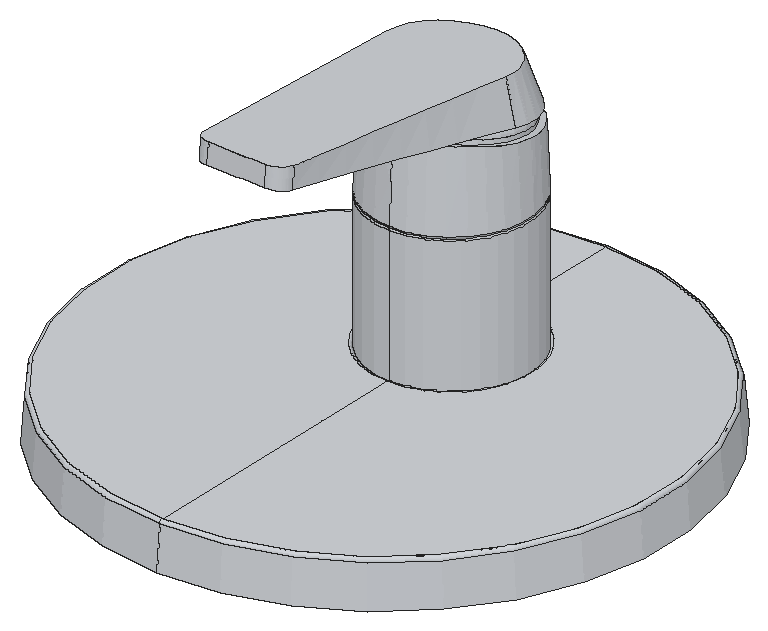
Revit family "Shower-Valve_Trim-KOHLER-AVID-K-97488T", category Specialty Equipment, host Face, Revit 2017
Family settings
  Host = Face
  Round Connector Dimension = Use Diameter
  Part Type = Normal
  OmniClass Number = 23.31.25.00
  OmniClass Title = Toilet and Bath Specialties
  Cut with Voids When Loaded = No
  Shared = No
  Room Calculation Point = No
Parameters (values of type "CP-Polished Chrome")
  Width = 7 3/32"  # constant formula
  WaterSense Certified = 1 = 0  # no
  URL = "http://www.kohler.com.cn/"
  Type = 1
  Product Page URL = ""
  Product Name = "AVID"  # constant formula
  Product Documentation Link = ""
  Model = if(Type = 1, "K-97488T-4-CP", if(Type = 2, "K-97488T-4-TT", "NA"))  # "K-97488T-4-CP"
  Material = "Primium Metal Construction"  # constant formula
  Master Format 2014 Name = "Toilet, Bath, and Laundry Accessories"  # constant formula
  Master Format 2014 = "10 28 00"  # constant formula
  Manufacturer Address = "Kohler Beijing Office (100016) 36-2-03-B, No. 88, Liuxiang Road, Beijing"  # constant formula
  Manufacturer = "KOHLER Co."  # constant formula
  Length = 4 1/8"  # constant formula
  Height = 7 3/32"  # constant formula
  Finish = Kohler-Metal-CP-Polished_Chrome
  Environmental Product Declaration = ""
  Description = "40 mm Recessed Shower only trim"  # constant formula
  Default Elevation = 42"
  Declare Label = ""
  Date Modified = "08/20/2020"  # constant formula
  Date Created = "08/20/2020"  # constant formula
  Copyright = "Copyright KOHLER Co."  # constant formula
  Contact Us = "http://www.kohler.com.cn/contact/contact-us/"
  Assembly Code = "C1030200"
  ADA Compliant = 1 = 0  # no
Types (3): name | Type | Model | Finish
  (no name) | 1 | "K-97488T-4-CP" | Kohler-Metal-CP-Polished_Chrome
  CP-Polished Chrome | 1 | "K-97488T-4-CP" | Kohler-Metal-CP-Polished_Chrome
  TT-Titanium Silver | 2 | "K-97488T-4-TT" | Kohler-Metal-TT-Titanium_Silver
Reference planes (in)
  plane 1 "Center (Front/Back)": y = 0
  plane 2: z = 0
  plane 3 "Center (Left/Right)": x = 0
  plane 4: y = 3.54687
  plane 5: y = -3.54688
  plane 6: x = -3.54687
  plane 7: x = 3.54688
  plane 8: y = 1.04332
  plane 9: y = -2.30043
  plane 10: z = 4.125
  plane 11: z = 0.5625
Dimensions and locks (in)
  "Width": plane 6 to plane 7
  "Height": plane 5 to plane 4
  "Length": plane 10 to level
  plane 11 to level = 9/16"
  plane 8 to plane 9 = 3 11/32"
  aligned and locked: plane 2 to host face
  aligned and locked: level to host face
Automatic sketch dimensions
  host sketch curve to host sketch curve = 96"  (x2)
Nested families (in)
  nested 1: "K-97488T" at (0, 0, 0), type "K-97488T"
Definition of nested family "K-97488T"
  Parameters (values of type "K-97488T")
    Material = none
  Reference planes (in)
    plane 1 "Center (Front/Back)": y = 0
    plane 2: z = 0
    plane 3 "Center (Left/Right)": x = 0
    plane 4: x = -3.54687
    plane 5: y = 3.54687
    plane 6: z = 4.125
    plane 7: y = -2.30043
    plane 8: y = 1.04332
    plane 9: z = 0.5625
    plane 10: x = 3.54688
    plane 11: y = -3.54688
  Forms (in)
    Revolve 1, solid, material <- "Material", detail levels medium+fine
      sketch origin (0, 0, 0) x (0, 1, 0) y (0, 0, 1)
        loop
          line (0, 0) -> (0, 0.5625) -> (-3.45471, 0.5625)
          arc (-3.45471, 0.5625) -> (-3.48638, 0.55018) -> (-3.50141, 0.51971) r 0.04688
          line (-3.50141, 0.51971) -> (-3.54688, 0) -> (0, 0)
        axis (0, 0.5625) -> (0, 0)
      angle from 0 to 360
    Revolve 2, solid, material <- "Material", detail levels medium+fine
      sketch origin (0, 0, 0) x (0, 1, 0) y (0, 0, 1)
        loop
          line (0.07874, 2.22382) -> (0.07874, 0.4353) -> (1.04332, 0.4353) -> (1.04332, 3.3605) -> (0.14592, 3.3605)
          arc (0.14592, 3.3605) -> (0.09555, 2.81351) -> (0.07874, 2.26446) r 8.97505
          arc (0.07874, 2.26446) -> (0.08467, 2.25009) -> (0.09901, 2.24409) r 0.02037
          arc (0.09901, 2.24409) -> (0.08468, 2.23816) -> (0.07874, 2.22382) r 0.02027
        axis (1.04332, 0.4353) -> (1.04332, 3.3605)
      angle from 0 to 360
    Extrusion 3, void
      sketch origin (0, 0, 0) x (0, 1, 0) y (0, 0, 1)
        loop
          line (-0.03474, 3.32016) -> (2.21575, 2.92334) -> (2.32281, 3.53054) -> (0.19035, 3.90655) -> (-0.03474, 3.32016)
      from -1.36217 to 1.22237
    Revolve 4, solid, material <- "Material", detail levels medium+fine
      sketch origin (0, 0, 0) x (0, 1, 0) y (0, 0, 1)
        loop
          line (0.20243, 3.27834) -> (1.04332, 3.13007) -> (1.0775, 3.32393) -> (0.3762, 3.44759)
          arc (0.3762, 3.44759) -> (0.27029, 3.42411) -> (0.212, 3.33263) r 0.14173
          line (0.212, 3.33263) -> (0.20243, 3.27834)
        axis (1.0775, 3.32393) -> (1.04332, 3.13007)
      angle from 0 to 360
    Blend 5, solid, material <- "Material", detail levels medium+fine
      base sketch origin (0, 0.36703, 3.75474) x (0, -0.995256, 0.097288) y (-1, 0, 0)
        loop
          arc (-0.63185, 0.9201) -> (-1.66247, 0) -> (-0.63185, -0.9201) r 0.92602
          line (-0.63185, -0.9201) -> (2.48675, -0.56559)
          arc (2.48675, -0.56559) -> (2.61136, -0.5011) -> (2.66137, -0.37) r 0.19685
          line (2.66137, -0.37) -> (2.66137, 0.37)
          arc (2.66137, 0.37) -> (2.61136, 0.5011) -> (2.48675, 0.56559) r 0.19685
          line (2.48675, 0.56559) -> (-0.63185, 0.9201)
      top sketch origin (0, 0.36703, 3.75474) x (0, -0.995256, 0.097288) y (-1, 0, 0)
        loop
          arc (-0.58809, 0.73974) -> (-1.37376, 0) -> (-0.58809, -0.73974) r 0.74108
          line (-0.58809, -0.73974) -> (2.49772, -0.55373)
          arc (2.49772, -0.55373) -> (2.6292, -0.49218) -> (2.68273, -0.35724) r 0.19685
          line (2.68273, -0.35724) -> (2.68273, 0.35724)
          arc (2.68273, 0.35724) -> (2.6292, 0.49218) -> (2.49772, 0.55373) r 0.19685
          line (2.49772, 0.55373) -> (-0.58809, 0.73974)
      from 0.51717 to -0.10917
    Extrusion 6, void
      sketch origin (0, 0, 0) x (0, 1, 0) y (0, 0, 1)
        loop
          line (2.11537, 3.09678) -> (-2.60904, 3.92982) -> (-2.60904, 2.97368) -> (2.11537, 2.97368) -> (2.11537, 3.09678)
      from -1.01556 to 1.06134
    Extrusion 7, void
      sketch origin (0, 0, 0) x (1, 0, 0) y (0, 1, 0)
        loop
          circle (0, 1.04332) r 1.10236
      from 0.4353 to 0.59657
    Revolve 8, solid, material <- "Material", detail levels medium+fine
      sketch origin (0, 0, 0) x (0, 1, 0) y (0, 0, 1)
        loop
          line (-0.05904, 0.5625) -> (-0.05904, 0.4353) -> (0.07874, 0.4353) -> (0.07874, 0.52344)
          arc (0.07874, 0.52344) -> (0.0673, 0.55106) -> (0.03968, 0.5625) r 0.03906
          line (0.03968, 0.5625) -> (-0.05904, 0.5625)
        axis (1.04332, 0.5625) -> (1.04332, 0.4353)
      angle from 0 to 360
    Extrusion 9, solid, material <- "Material", detail levels coarse
      sketch origin (0, 0, 0) x (1, 0, 0) y (0, 1, 0)
        loop
          circle (0, 0) r 3.54688
      from 0 to 0.56734
    Extrusion 10, solid, material <- "Material", detail levels coarse
      sketch origin (0, 0, 0) x (1, 0, 0) y (0, 1, 0)
        loop
          circle (0, 1.04332) r 0.96458
      from 0.56734 to 3.73525
    Extrusion 11, solid, material <- "Material", detail levels coarse
      sketch origin (0, 0, 0) x (1, 0, 0) y (0, 1, 0)
        loop
          line (-0.96458, -2.30043) -> (0.96458, -2.30043) -> (0.96458, 1.04332)
          arc (0.96458, 1.04332) -> (0, 2.0079) -> (-0.96458, 1.04332) r 0.96458
          line (-0.96458, 1.04332) -> (-0.96458, -2.30043)
      from 3.39843 to 3.73525
  Cuts and joins
    Extrusion 7 cuts Revolve 1
    Extrusion 3 cuts Revolve 2
    Extrusion 6 cuts Blend 5
    joined: Revolve 1, Revolve 2, Revolve 4, Blend 5, Revolve 8
    joined: Extrusion 9, Extrusion 10, Extrusion 11
  Lines and regions (in)
    Masking region 1
      outline origin (0, 0, 0) x (1, 0, 0) y (0, 0, 1)
        loop
          line (3.54688, 0) -> (3.50148, 0.51886)
          arc (3.50148, 0.51886) -> (3.48615, 0.54994) -> (3.45385, 0.5625) r 0.04781
          line (3.45385, 0.5625) -> (0.96458, 0.5625) -> (0.96458, 2.22188)
          arc (0.96458, 2.22188) -> (0.95875, 2.23692) -> (0.94431, 2.24409) r 0.0223
          arc (0.94431, 2.24409) -> (0.95886, 2.25328) -> (0.96458, 2.26952) r 0.02623
          arc (0.96458, 2.26952) -> (0.95516, 2.69864) -> (0.92293, 3.12666) r 8.07134
          arc (0.92293, 3.12666) -> (0.91465, 3.14937) -> (0.89727, 3.16618) r 0.05391
          arc (0.89727, 3.16618) -> (0.8755, 3.17843) -> (0.85303, 3.18936) r 0.4168
          arc (0.85303, 3.18936) -> (0.85209, 3.21087) -> (0.84658, 3.23169) r 0.10046
          arc (0.84658, 3.23169) -> (0.86589, 3.24347) -> (0.88266, 3.25865) r 0.12051
          arc (0.88266, 3.25865) -> (0.8913, 3.27625) -> (0.88908, 3.29573) r 0.03489
          line (0.88908, 3.29573) -> (0.73974, 3.80617) -> (0.55907, 4.09777)
          arc (0.55907, 4.09777) -> (0.54781, 4.10916) -> (0.53273, 4.11453) r 0.03592
          arc (0.53273, 4.11453) -> (0.44333, 4.12238) -> (0.35363, 4.125) r 1.53628
          line (0.35363, 4.125) -> (0, 4.125) -> (-0.35363, 4.125)
          arc (-0.35363, 4.125) -> (-0.44333, 4.12238) -> (-0.53273, 4.11453) r 1.53628
          arc (-0.53273, 4.11453) -> (-0.54781, 4.10916) -> (-0.55907, 4.09777) r 0.03592
          line (-0.55907, 4.09777) -> (-0.73974, 3.80617) -> (-0.88908, 3.29573)
          arc (-0.88908, 3.29573) -> (-0.8913, 3.27625) -> (-0.88266, 3.25865) r 0.03489
          arc (-0.88266, 3.25865) -> (-0.86589, 3.24347) -> (-0.84658, 3.23169) r 0.12051
          arc (-0.84658, 3.23169) -> (-0.85209, 3.21087) -> (-0.85303, 3.18936) r 0.10046
          arc (-0.85303, 3.18936) -> (-0.8755, 3.17843) -> (-0.89727, 3.16618) r 0.4168
          arc (-0.89727, 3.16618) -> (-0.91465, 3.14937) -> (-0.92279, 3.12805) r 0.05391
          arc (-0.92279, 3.12805) -> (-0.95512, 2.69934) -> (-0.96458, 2.26952) r 8.07134
          arc (-0.96458, 2.26952) -> (-0.95886, 2.25328) -> (-0.94431, 2.24409) r 0.02623
          arc (-0.94431, 2.24409) -> (-0.95875, 2.23692) -> (-0.96458, 2.22188) r 0.0223
          line (-0.96458, 2.22188) -> (-0.96458, 0.5625) -> (-3.45385, 0.5625)
          arc (-3.45385, 0.5625) -> (-3.48615, 0.54994) -> (-3.50148, 0.51886) r 0.04781
          line (-3.50148, 0.51886) -> (-3.54687, 0) -> (3.54688, 0)
    Masking region 2
      outline origin (0, 0, 0) x (0, 1, 0) y (0, 0, 1)
        loop
          line (3.54688, 0) -> (3.50135, 0.52034)
          arc (3.50135, 0.52034) -> (3.48654, 0.55037) -> (3.45534, 0.5625) r 0.04619
          line (3.45534, 0.5625) -> (2.0079, 0.5625) -> (2.0079, 2.22309)
          arc (2.0079, 2.22309) -> (2.002, 2.23768) -> (1.98762, 2.24409) r 0.02102
          arc (1.98762, 2.24409) -> (2.00191, 2.25009) -> (2.0079, 2.26438) r 0.02045
          arc (2.0079, 2.26438) -> (2.0033, 2.60516) -> (1.98391, 2.94542) r 7.85333
          arc (1.98391, 2.94542) -> (1.97757, 2.96009) -> (1.96358, 2.96781) r 0.0247
          line (1.96358, 2.96781) -> (1.88285, 2.98204)
          arc (1.88285, 2.98204) -> (1.89473, 3.06209) -> (1.87185, 3.13972) r 0.18799
          line (1.87185, 3.13972) -> (1.91502, 3.13211)
          arc (1.91502, 3.13211) -> (1.93613, 3.13969) -> (1.94031, 3.16173) r 0.0226
          line (1.94031, 3.16173) -> (1.76024, 3.68468)
          arc (1.76024, 3.68468) -> (1.73471, 3.72067) -> (1.69378, 3.73716) r 0.07836
          line (1.69378, 3.73716) -> (-2.27388, 4.125)
          arc (-2.27388, 4.125) -> (-2.29265, 4.11722) -> (-2.30043, 4.09845) r 0.02655
          line (-2.30043, 4.09845) -> (-2.30043, 3.90107)
          arc (-2.30043, 3.90107) -> (-2.29403, 3.8835) -> (-2.27784, 3.87415) r 0.02734
          line (-2.27784, 3.87415) -> (0.2717, 3.42459)
          arc (0.2717, 3.42459) -> (0.21945, 3.3598) -> (0.20178, 3.27846) r 0.18069
          line (0.20178, 3.27846) -> (0.15952, 3.28591)
          arc (0.15952, 3.28591) -> (0.14321, 3.28206) -> (0.13479, 3.26757) r 0.0212
          arc (0.13479, 3.26757) -> (0.09071, 2.76687) -> (0.07874, 2.26438) r 7.85333
          arc (0.07874, 2.26438) -> (0.08473, 2.25009) -> (0.09901, 2.24409) r 0.02045
          arc (0.09901, 2.24409) -> (0.08463, 2.23768) -> (0.07874, 2.22309) r 0.02102
          line (0.07874, 2.22309) -> (0.07874, 0.5625) -> (-3.45534, 0.5625)
          arc (-3.45534, 0.5625) -> (-3.48654, 0.55037) -> (-3.50135, 0.52034) r 0.04619
          line (-3.50135, 0.52034) -> (-3.54688, 0) -> (3.54688, 0)
    Masking region 3
      outline origin (0, 0, 0) x (1, 0, 0) y (0, 1, 0)
        loop
          arc (-3.54687, 0) -> (-2.50802, -2.50802) -> (0, -3.54688) r 3.54687
          arc (0, -3.54688) -> (2.50802, -2.50802) -> (3.54688, 0) r 3.54688
          arc (3.54688, 0) -> (2.50802, 2.50802) -> (0, 3.54687) r 3.54687
          arc (0, 3.54687) -> (-2.50802, 2.50802) -> (-3.54687, 0) r 3.54688
    symbolic lines, detail levels medium+fine
      curve 1: line (0.96458, 0, 0.5625) -> (-0.96458, 0, 0.5625)
      curve 2: line (0.94431, 0, 2.24409) -> (-0.94431, 0, 2.24409)
      curve 3: spline (0.73974, 0, 3.80617) -> (0.72455, 0, 3.78669) -> (0.65615, 0, 3.76832) -> (0.53956, 0, 3.75241) -> (0.38335, 0, 3.74013) -> (0.19898, 0, 3.73238) -> (0, 0, 3.72974) -> (-0.19898, 0, 3.73238) -> (-0.38335, 0, 3.74013) -> (-0.53956, 0, 3.75241) -> (-0.65615, 0, 3.76832) -> (-0.72455, 0, 3.78669) -> (-0.73974, 0, 3.80617)
      curve 4: spline (0.84657, 0, 3.23169) -> (0.77028, 0, 3.2023) -> (0.66058, 0, 3.17629) -> (0.52225, 0, 3.15479) -> (0.36127, 0, 3.13873) -> (0.18463, 0, 3.1288) -> (-0.00001, 0, 3.12545) -> (-0.18465, 0, 3.1288) -> (-0.36129, 0, 3.13873) -> (-0.52227, 0, 3.15479) -> (-0.6606, 0, 3.17629) -> (-0.77029, 0, 3.2023) -> (-0.84658, 0, 3.23169)
      curve 5: spline (0, 0, 2.96457) -> (0.11785, 0, 2.96615) -> (0.23363, 0, 2.97028) -> (0.34549, 0, 2.97692) -> (0.45164, 0, 2.98595) -> (0.55041, 0, 2.99722) -> (0.64023, 0, 3.01057) -> (0.71965, 0, 3.02577) -> (0.78743, 0, 3.04258) -> (0.84247, 0, 3.06075) -> (0.88391, 0, 3.07997) -> (0.91109, 0, 3.09995) -> (0.92357, 0, 3.12036)
      curve 6: spline (0, 0, 2.9818) -> (0.11247, 0, 2.98309) -> (0.22297, 0, 2.98695) -> (0.32959, 0, 2.99329) -> (0.43047, 0, 3.00202) -> (0.52385, 0, 3.01299) -> (0.6081, 0, 3.02599) -> (0.68175, 0, 3.0408) -> (0.74353, 0, 3.05717) -> (0.79234, 0, 3.07482) -> (0.82735, 0, 3.09342) -> (0.84795, 0, 3.11266) -> (0.85377, 0, 3.13221)
      curve 7: spline (0, 0, 2.96457) -> (-0.11785, 0, 2.96615) -> (-0.23363, 0, 2.97028) -> (-0.34549, 0, 2.97692) -> (-0.45164, 0, 2.98595) -> (-0.55041, 0, 2.99722) -> (-0.64023, 0, 3.01057) -> (-0.71965, 0, 3.02577) -> (-0.78743, 0, 3.04258) -> (-0.84247, 0, 3.06075) -> (-0.88391, 0, 3.07997) -> (-0.91109, 0, 3.09995) -> (-0.92357, 0, 3.12036)
      curve 8: spline (0, 0, 2.9818) -> (-0.11247, 0, 2.98309) -> (-0.22297, 0, 2.98695) -> (-0.32959, 0, 2.99329) -> (-0.43047, 0, 3.00202) -> (-0.52385, 0, 3.01299) -> (-0.6081, 0, 3.02599) -> (-0.68175, 0, 3.0408) -> (-0.74353, 0, 3.05717) -> (-0.79234, 0, 3.07482) -> (-0.82735, 0, 3.09342) -> (-0.84795, 0, 3.11266) -> (-0.85377, 0, 3.13221)
      curve 9: arc (0.85303, 0, 3.18936) -> (0.85556, 0, 3.16081) -> (0.85377, 0, 3.13221) r 0.19022
      curve 10: arc (-0.85303, 0, 3.18936) -> (-0.85556, 0, 3.16081) -> (-0.85377, 0, 3.13221) r 0.19022
      curve 11: line (0, 2.0079, 0.5625) -> (0, 0.07874, 0.5625)
      curve 12: line (0, 1.98762, 2.24409) -> (0, 0.09901, 2.24409)
      curve 13: line (0, 1.88285, 2.98204) -> (0, 0.20178, 3.27846)
      curve 14: line (0, 0.2717, 3.42459) -> (0, 1.87185, 3.13972)
      curve 15: line (-0.37687, -2.30043, 0) -> (0.37687, -2.30043, 0)
      curve 16: line (-0.88105, 0.97756, 0) -> (-0.55779, -2.13732, 0)
      curve 17: arc (-0.55779, -2.13732, 0) -> (-0.49867, -2.25363, 0) -> (-0.37687, -2.30043, 0) r 0.18189
      curve 18: line (0.88105, 0.97756, 0) -> (0.55779, -2.13732, 0)
      curve 19: arc (0.55779, -2.13732, 0) -> (0.49867, -2.25363, 0) -> (0.37687, -2.30043, 0) r 0.18189
      curve 20: arc (0.88105, 0.97756, 0) -> (0, 1.95477, 0) -> (-0.88105, 0.97756, 0) r 0.88578
      curve 21: arc (0.84603, 0.64019, 0) -> (0, 1.98049, 0) -> (-0.84603, 0.64019, 0) r 0.93717
      curve 22: arc (0.83837, 0.56629, 0) -> (0, 2.0079, 0) -> (-0.83837, 0.56629, 0) r 0.96458
      curve 23: line (-0.73928, 0.95585, 0) -> (-0.53801, -2.13005, 0)
      curve 24: line (-0.37612, -2.28173, 0) -> (0.37441, -2.28173, 0)
      curve 25: line (0.73928, 0.95585, 0) -> (0.53812, -2.12834, 0)
      curve 26: arc (-0.53801, -2.13005, 0) -> (-0.48704, -2.23788, 0) -> (-0.37612, -2.28173, 0) r 0.16224
      curve 27: arc (0.37441, -2.28173, 0) -> (0.48658, -2.23739, 0) -> (0.53812, -2.12834, 0) r 0.16406
      curve 28: arc (0.73928, 0.95585, 0) -> (0, 1.74491, 0) -> (-0.73928, 0.95585, 0) r 0.74085
      curve 29: circle (0, 0, 0) r 3.4636 normal (0, 0, 1)
  Dimensions and locks (in)
    locked: plane 6 to plane 2 at 4.125
    locked: plane 8 to plane 7 at 3.34375
    locked: plane 9 to plane 2 at 0.5625
    locked: plane 4 to plane 10 at 7.09375
    locked: plane 5 to plane 11 at 7.09375
    aligned and locked: plane 2 to level
